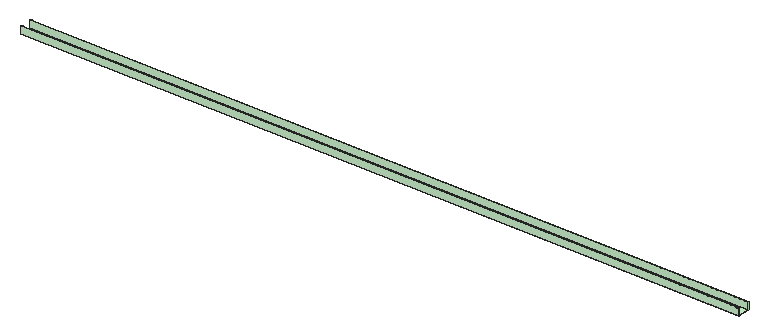
Revit family "sqrunner_65", category 機械設備, Revit 2022
Family settings
  丸型コネクタ寸法 = 直径を使用
  種別 = なし
  パーツ タイプ = 標準
  作業面ベース = いいえ
  常に垂直 = はい
  ロード時にボイドで切り取り = いいえ
  注釈の向きを維持 = いいえ
  共有 = いいえ
  部屋計算ポイント = いいえ
Parameters
  製造元 = "株式会社桐井製作所"
  既定の高さ = 0 mm
  URL = "https://www.kirii.co.jp/"
  K_長さ(mm) [instance] = 4000 mm
  K_材質 = "SGCC　一般用"
  K_外形寸法(mm) = "67×40×40"
  K_品名 = "SQ-ランナー65"
  K_名称 = "角型スタッド用ランナー"
  K_バージョン情報 = "20210524"
  K_めっき付着量 = "Z08"
  K_JIS規格 = "JIS G 3302"
Reference planes
  plane 1 "中心(正面/背面)": y = 0
  plane 2: z = 0
  plane 3 "中心(左/右)": x = 0
  plane 4: x = 4000
  plane 5: y = 33.5
  plane 6: y = -33.5
Forms (mm)
  Extrusion 1, solid
    sketch origin (0, 0, 0) x (0, 1, 0) y (0, 0, 1)
      loop
        line (-33.5, 0) -> (33.5, 0) -> (33.5, 40) -> (32.7, 40) -> (32.7, 0.8) -> (-32.7, 0.8) -> (-32.7, 40) -> (-33.5, 40) -> (-33.5, 0)
    from 0 to 4000
Dimensions and locks
  "K_長さ(mm)": plane 3 "中心(左/右)" to plane 4
  aligned and locked: level to plane 2
  aligned and locked: plane 4 to Extrusion 1
  aligned and locked: Extrusion 1 to plane 4
Automatic sketch dimensions
  Extrusion 1 sketch curve to level = 0 mm
  Extrusion 1 sketch curve to plane 6 = 0 mm
  Extrusion 1 sketch curve to Extrusion 1 sketch curve = 0.8 mm
  level to Extrusion 1 sketch curve = 0.8 mm
  Extrusion 1 sketch curve to Extrusion 1 sketch curve = 39.2 mm  (x2)
  Extrusion 1 sketch curve to plane 5 = 0 mm
  Extrusion 1 sketch curve to plane 5 = 0.8 mm
